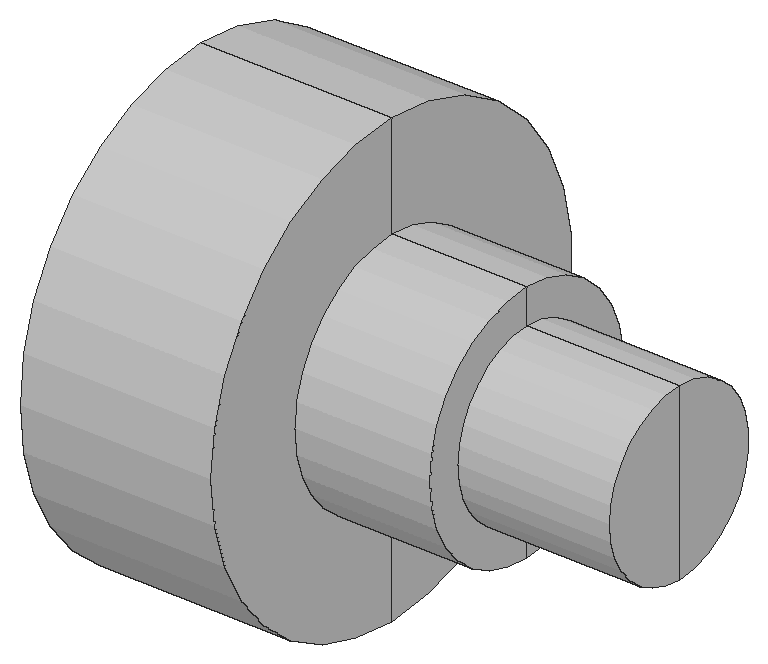
Revit family "6210 12_Heizkörperanschluß mit Konus", category Rohrformteile, Revit 2021
Family settings
  Bemaßung runder Anschluss = Durchmesser verwenden
  Teiletyp = Verbindung
  OmniClass-Nummer = 23.65.55.14
  OmniClass-Titel = Valves for Liquid Services
  Arbeitsebenenbasiert = Nein
  Immer vertikal = Ja
  Beim Laden mit Abzugskörper schneiden = Nein
  Gemeinsam genutzt = Nein
Parameters (values of type "G1 x R 1/2")
  Vorgabe-Ansicht = 0 mm
  URL = "www.herz-armaturen.at"
  SCRNSEQ = "AWI;AWI_TYP=\"1001\";2"
  SCRNCODE = "07;01;02"  # constant formula
  S02 = 8 mm  # constant formula
  S01 [instance] = GT  # 12 mm
  O-Ring = "EPDM"  # constant formula
  Nennweite_AG [instance] = 15 mm  # constant formula
  Nennweite_IG [instance] = 25 mm  # constant formula
  Mutter = "Messing CW614N, vernickelt"  # constant formula
  Max. Betriebstemperatur = 110 °C  # constant formula
  Max. Betriebsdruck = 1000000.0 Pa  # constant formula
  Medium = "Heizungswasser nach ÖNORM H5195 oder VDI- Richtlinie 2035.\r\nDie Verwendung von Ethylen- oder Propyleneglykol in einem Mischungsverhältnis 25- 50% ist zulässig."
  Hinweiß = "Der O-Ring dient als zusätzliche Dichtung, bei Verlust ist der Heizkörperanschluss metallisch dichtend."
  GT [instance] = 12 mm  # constant formula
  L02 [instance] = 13.2 mm  # constant formula
  L01 [instance] = 16.5 mm  # constant formula
  L00 [instance] = 41.4 mm  # constant formula
  Hersteller = "HERZ Armaturen Ges.m.b.H."  # constant formula
  Bestellnummer = 1621012  # constant formula
  D03 [instance] = 7.5 mm  # constant formula
  D02 [instance] = 10.5 mm  # constant formula
  D01 [instance] = 12.5 mm  # constant formula
  D00 [instance] = 19.5 mm  # constant formula
  Ausführung = "Heizkörperanschluss aus Messing, für Ventile 3/4\" auf Heizkörpermuffe 1/2\", vernickelt, Mutter und Anschlußstück konischdichtend."
  Anschlussstück = "Messing CW614N, vernickelt"  # constant formula
Reference planes
  plane 1 "Mitte (Vorne/hinten)": y = 0
  plane 2: z = 0
  plane 3 "Mitte (Links/rechts)": x = 0
Forms (mm)
  Revolve 1, solid, material "Messing, vernickelt", detail levels fine
    sketch origin (0, 0, 0) x (1, 0, 0) y (0, 0, 1)
      loop
        line (0, 12.5) -> (12, 12.5) -> (12, 0) -> (41.4, 0) -> (41.4, 7.5) -> (28.2, 7.5) -> (28.2, 10.5) -> (16.5, 10.5) -> (16.5, 19.5) -> (0, 19.5) -> (0, 12.5)
      axis (0, 0) -> (41.4, 0)
    angle from 0 to 360
Lines and regions (mm)
  model lines, detail levels coarse+medium
    curve 1: line (0, 0, 0) -> (41.4, 0, 0)
    curve 2: line (12, 0, 19.5) -> (12, 0, -19.5)
    curve 3: line (12, 0, -19.5) -> (20, 0, -19.5)
    curve 4: line (20, 0, -19.5) -> (12, 0, 0)
    curve 5: line (12, 0, 19.5) -> (20, 0, 19.5)
    curve 6: line (20, 0, 19.5) -> (12, 0, 0)
    curve 7: line (12, 19.5, 0) -> (12, -19.5, 0)
    curve 8: line (12, -19.5, 0) -> (20, -19.5, 0)
    curve 9: line (20, -19.5, 0) -> (12, 0, 0)
    curve 10: line (12, 19.5, 0) -> (20, 19.5, 0)
    curve 11: line (20, 19.5, 0) -> (12, 0, 0)
Dimensions and locks
  "L01": Revolve 1 sketch curve to plane 3 "Mitte (Links/rechts)"
  "L00": Revolve 1 sketch curve to plane 3 "Mitte (Links/rechts)"
  "D00": Revolve 1 sketch curve to plane 2
  "L02": Revolve 1 sketch curve to Revolve 1 sketch curve
  "D01": Revolve 1 sketch curve to plane 2
  "D02": Revolve 1 sketch curve to plane 2
  "D03": Revolve 1 sketch curve to plane 2
  "GT": Revolve 1 sketch curve to plane 3 "Mitte (Links/rechts)"
  "L00": curve 1 to curve 1
  "S01": curve 2 to plane 3 "Mitte (Links/rechts)"
  "S02": curve 2 to curve 6
  "S02": curve 2 to curve 4
  "S01": curve 1 to curve 7
  "S02": curve 7 to curve 11
  "S02": curve 7 to curve 9
  "D00": curve 8 to plane 1 "Mitte (Vorne/hinten)" to curve 10
  "D00": curve 5 to plane 2 to curve 3
  aligned and locked: level to plane 2
Automatic sketch dimensions
  curve 1 to level = 0 mm
  curve 1 to plane 3 "Mitte (Links/rechts)" = 0 mm
  curve 4 to level = 0 mm
  curve 6 to curve 4 = 0 mm
  plane 1 "Mitte (Vorne/hinten)" to curve 9 = 0 mm
  plane 1 "Mitte (Vorne/hinten)" to curve 11 = 0 mm
  Revolve 1 sketch curve to level = 0 mm  (x2)
  Revolve 1 sketch curve to plane 3 "Mitte (Links/rechts)" = 0 mm
  Revolve 1 sketch curve to plane 3 "Mitte (Links/rechts)" = 1506.53 mm
  Revolve 1 sketch curve to Revolve 1 sketch curve = 1792.148 mm
Connectors
  piping at (12, 0, 0), diameter 25, driven by "Nennweite_IG"
    settings: on Revolve 1, index 1, connector inside diameter 609.6 mm, connector length 0 mm, flow factor 0, pipe flow 0.0 L/s, pressure drop 0.0 Pa, fitting loss kfactor 0, connector angle 0.00°, fixture units 0, engagement length 0 mm, angle of deflection 0.00°, flow configuration 0, flow direction 0, fitting loss method 0, system type 29, joint type 0, gender type 0, connector reference index -1, connector utility 0, adjustable connector no, is connector primary yes, connector description ""
  piping at (41.4, 0, 0), diameter 15, driven by "Nennweite_AG"
    settings: on Revolve 1, index 2, connector inside diameter 609.6 mm, connector length 0 mm, flow factor 0, pipe flow 0.0 L/s, pressure drop 0.0 Pa, fitting loss kfactor 0, connector angle 0.00°, fixture units 0, engagement length 0 mm, angle of deflection 0.00°, flow configuration 0, flow direction 0, fitting loss method 0, system type 29, joint type 0, gender type 0, connector reference index -1, connector utility 0, adjustable connector no, is connector primary no, connector description ""
